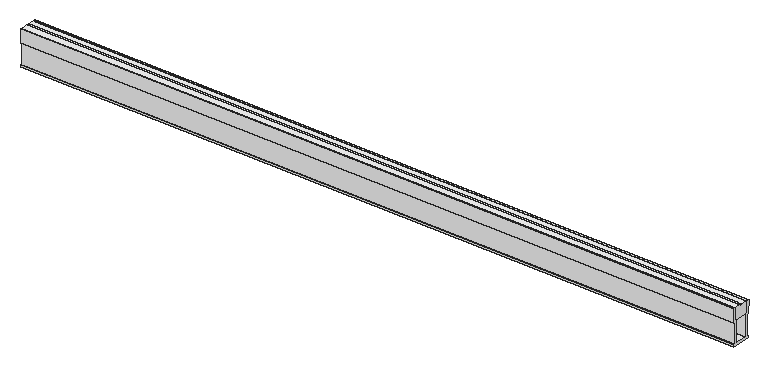
Revit family "4070764+4070745 Feilo Sylvania Lighting Fixture CURSUS 1161MM 731LM WIDE LED 3K with FRAMED ROUGH IN HOUSING", category Lighting Fixtures, host Face, Revit 2017
Family settings
  Host = Face
  Round Connector Dimension = Use Diameter
  Part Type = Normal
  OmniClass Number = 23.80.70.14
  OmniClass Title = Luminaries for External Lighting
  Cut with Voids When Loaded = Yes
  Light Source = Yes
  Shared = No
  Room Calculation Point = No
Parameters (values of type "4070764 CURSUS 1161MM 731LM WIDE LED 3K")
  Width = 30 mm
  Weight = "2.2 kg"
  Wattage Comments = "n/a"
  Wattage = 18 W
  WarrantyStartDate [instance] = "n/a"
  WarrantyGuarantorParts = "n/a"
  WarrantyDurationUnit = "n/a"
  WarrantyDurationParts = "n/a"
  WarrantyDescription = "n/a"
  built-in parameter 1150110 = 1 (stored number, unit not read)
  Voltage = 230 V
  URL = "http://www.sylvania-lighting.com"
  TypeName = "CURSUS 1161MM 731LM WIDE LED 3K"
  Type Image = <None>
  Type Comments = "n/a"
  built-in parameter 1114217 = 1 (stored number, unit not read)
  Tilt Angle = -90.00°
  built-in parameter 1150109 = 1 (stored number, unit not read)
  built-in parameter 1150134 = (empty or 0)
  built-in parameter 1150113 = 1 (stored number, unit not read)
  SerialNumber [instance] = "n/a"
  Material_3_FEILO = none
  PowerFactor = 0
  PowerConsumption = "18 W"
  Photometric Web File = "4070764.ies"
  NominalLength = 1161 mm
  NominalHeight = 50 mm
  NominalDepth = Width  # 30 mm
  Name = "CURSUS 1161MM 731LM WIDE LED 3K"
  ModelReference = Name  # "CURSUS 1161MM 731LM WIDE LED 3K"
  ModelNumber = "4070764"
  Model = Name  # "CURSUS 1161MM 731LM WIDE LED 3K"
  Material = "natural anodised extruded aluminium structure housing"
  ManufacturerName = "Feilo Sylvania"
  Manufacturer = "Feilo Sylvania"
  LuminousEfficacy = "40.61 lm/W"
  built-in parameter 1150105 = 403.47 (stored number, unit not read)
  Lumens = 731 lm
  LuminaireType = ""
  built-in parameter 1150115 = 1 (stored number, unit not read)
  LightOutputRatio = "100"
  built-in parameter 1150137 = (empty or 0)
  built-in parameter 1150139 = (empty or 0)
  LengthVoidExtrusionRight [instance] = if(EndCapRight, Length / 2, Length / 2 - 2.5 mm)  # 581 mm
  LengthVoidExtrusionLeft [instance] = if(EndCapLeft, Length / 2, Length / 2 - 2.5 mm)  # 581 mm
  Length = 1167 mm
  LampsType = Lamp  # "LED"
  LampNominalLuminous = "731 lm"
  LampMacAdamStep = "n/a"
  LampColourTemperature = "3000 K"
  LampColourRenderingIndex = "80"
  built-in parameter 1150112 = 1 (stored number, unit not read)
  built-in parameter 1150114 = 1 (stored number, unit not read)
  Lamp = "LED"
  Keynote = "16500"
  InstallationDate [instance] = "n/a"
  InputVoltage = "220-240V~"
  InputNominalFrequency = "n/a"
  built-in parameter 1150132 = (empty or 0)
  built-in parameter 1150102 = (empty or 0)
  built-in parameter 1150107 = 3000 (stored number, unit not read)
  built-in parameter 1150138 = (empty or 0)
  IngressProtection = "IP67"
  ImpactProtectionIndex = "IK07"
  built-in parameter 1150106 = 4.0347 (stored number, unit not read)
  IfcExportType = "IfcLightFixtureType"
  IfcExportAs = "IfcLightFixtureType"
  ExpectedLife = 50000
  EndCapRight [instance] = no
  EndCapLeft [instance] = no
  Emit from Rectangle Width = Width - 6 mm  # 24 mm
  Emit from Rectangle Length = Length - 6 mm  # 1161 mm
  Emit Shape Visible in Rendering = no
  ElectricShockClassification = "Class III"
  built-in parameter 1150104 = 3.7729 (stored number, unit not read)
  DurationUnit = "hours"
  DocumentationLiterature = "http://www.sylvania-lighting.com/product/en-int/products/4070764"
  DimmingControlOptions = "n/a"
  Dimming Lamp Color Temperature Shift = <None>
  Material_2_FEILO = Diffuser-Sylvania-Glow
  Description = "LED Exterior Lighting Recessed Surface Mounted Linear Fixture, Natural anodised extruded aluminium structure. Die-cast aluminium end caps. Installation kit with harmonic steel springs., 731 lm, 18W, 40lm/W, 3000K, CRI80+,non dimmable,IP67, IK07, (HxWxD) 1161x50x30mm, 3 step Mac Adam Ellipse, 2.2kg,, Classe III, 21-25V-DC, energy class : A++, A+, A"
  Default Elevation = 1219.2 mm
  CreatedOn = "1/8/2018"
  CreatedBy = ""
  Cost = 0
  Color Filter = 16777215
  built-in parameter 1114216 [instance] = (empty or 0)
  ClassificationValue = "EF_70_80"
  ClassificationName = "Uniclass2015"
  Material_1_FEILO = Body-Sylvania-Gray
  BarCode [instance] = "n/a"
  built-in parameter 1114218 = 1 (stored number, unit not read)
  built-in parameter 1150133 = 10 (stored number, unit not read)
  AssetType = "Fixed"
  AssetIdentifier [instance] = "n/a"
  Assembly Code = "D5020200"
  Apparent Load = 18 VA
  Material_4_FEILO = Diffuser-Sylvania-Glow
Reference planes
  plane 1 "Center (Front/Back)": y = 0
  plane 2: z = 0
  plane 3 "Center (Left/Right)": x = 0
  plane 4: y = 15
  plane 5: y = -15
  plane 6: x = 583.5
  plane 7: x = -583.5
  plane 8: x = -581
  plane 9: y = 12.5
  plane 10: y = -12.5
  plane 11: x = 581
  plane 12: z = -55
  plane 13: z = -52.5
  plane 14: z = -2
  plane 15: y = -10
  plane 16: z = -18
  plane 17: z = -20.5
  plane 18: y = 10
Forms (mm)
  Extrusion 1, solid, material "Body-Sylvania-Gray" <- "Material_1_FEILO"
    sketch origin (0, 0, -32.5) x (0, 1, 0) y (0, 0, 1)
      loop
        line (15, -22.5) -> (15, -20) -> (12.5, -20) -> (12.5, 12) -> (15, 12) -> (15, 32.5) -> (12.5, 32.5) -> (12.5, 14.5) -> (10, 14.5) -> (10, -20) -> (-10, -20) -> (-10, 14.5) -> (-12.5, 14.5) -> (-12.5, 32.5) -> (-15, 32.5) -> (-15, 12) -> (-12.5, 12) -> (-12.5, -20) -> (-15, -20) -> (-15, -22.5) -> (15, -22.5)
    from -581 to 581
  Extrusion 2, solid, material "Body-Sylvania-Gray" <- "Material_1_FEILO", visible <- "EndCapRight"
    sketch origin (583.5, 1524, 1219.2) x (0, 1, 0) y (0, 0, 1)
      loop
        line (-1539, -1274.2) -> (-1509, -1274.2) -> (-1509, -1219.2) -> (-1539, -1219.2) -> (-1539, -1274.2)
    from 0 to -2.5
  Extrusion 3, solid, material "Body-Sylvania-Gray" <- "Material_1_FEILO", visible <- "EndCapLeft"
    sketch origin (-583.5, 1524, 1219.2) x (0, 1, 0) y (0, 0, 1)
      loop
        line (-1539, -1274.2) -> (-1509, -1274.2) -> (-1509, -1219.2) -> (-1539, -1219.2) -> (-1539, -1274.2)
    from 0 to 2.5
  Extrusion 4, solid, material "Diffuser-Sylvania-Glow" <- "Material_2_FEILO"
    sketch origin (0, 0, 0) x (0, 1, 0) y (0, 0, 1)
      loop
        line (-12.5, 0) -> (-12.5, -18) -> (12.5, -18) -> (12.5, 0) -> (2, 0) -> (0, -2) -> (-2, 0) -> (-12.5, 0)
    from -581 to 581
  Extrusion 5, void
    sketch origin (0, 0, 0) x (1, 0, 0) y (0, 1, 0)
      loop
        line (-581, 15) -> (-581, -15) -> (581, -15) -> (581, 15) -> (-581, 15)
    from 0 to -55
Dimensions and locks
  equal spacing: plane 5, plane 1 "Center (Front/Back)", plane 4
  equal spacing: plane 7, plane 3 "Center (Left/Right)", plane 6
  "Length": plane 7 to plane 6
  equal spacing: plane 8, plane 3 "Center (Left/Right)", plane 11
  equal spacing: plane 10, plane 1 "Center (Front/Back)", plane 9
  locked: plane 5 to plane 10 at 2.5
  "Width": plane 5 to plane 4
  locked: plane 2 to plane 12 at 55
  locked: plane 12 to plane 13 at 2.5
  "LengthVoidExtrusionLeft": Extrusion 5 sketch curve to plane 3 "Center (Left/Right)"
  "LengthVoidExtrusionRight": plane 3 "Center (Left/Right)" to Extrusion 5 sketch curve
  plane 2 to plane 14 = 2 mm
  locked: plane 7 to plane 8 at 2.5
  locked: plane 2 to plane 16 at 18
  locked: plane 17 to plane 16 at 2.5
  equal spacing: plane 15, plane 1 "Center (Front/Back)", plane 18
  locked: plane 10 to plane 15 at 2.5
  locked: plane 14 to Extrusion 4 sketch curve (angle 45.00°)
  locked: Extrusion 4 sketch curve to plane 14 (angle 45.00°)
  aligned and locked: plane 2 to host face
  aligned and locked: level to host face
  aligned and locked: plane 4 to Extrusion 1 sketch curve
  aligned and locked: Extrusion 1 sketch curve to plane 5
  aligned and locked: plane 10 to Extrusion 1 sketch curve  (x2)
  aligned and locked: Extrusion 1 sketch curve to plane 9  (x2)
  aligned and locked: plane 8 to Extrusion 3
  aligned and locked: Extrusion 3 to plane 7
  aligned and locked: Extrusion 4 to plane 8
  aligned and locked: plane 11 to Extrusion 4
  aligned and locked: imposter light to plane 1 "Center (Front/Back)"
  aligned and locked: plane 3 "Center (Left/Right)" to imposter light
  aligned and locked: plane 12 to Extrusion 1
  aligned and locked: Extrusion 1 to plane 13
  aligned and locked: level to Extrusion 1  (x2)
  aligned and locked: plane 2 to imposter light
  aligned and locked: plane 11 to Extrusion 1
  aligned and locked: Extrusion 1 to plane 8
  aligned and locked: plane 12 to Extrusion 3 sketch curve
  aligned and locked: plane 5 to Extrusion 3 sketch curve
  aligned and locked: Extrusion 3 sketch curve to plane 4
  aligned and locked: Extrusion 2 sketch curve to plane 4
  aligned and locked: plane 5 to Extrusion 2 sketch curve
  aligned and locked: plane 12 to Extrusion 2 sketch curve
  aligned and locked: plane 9 to Extrusion 4 sketch curve
  aligned and locked: Extrusion 4 sketch curve to plane 10
  aligned and locked: Extrusion 5 sketch curve to plane 4
  aligned and locked: plane 5 to Extrusion 5 sketch curve
  aligned and locked: Extrusion 5 to Extrusion 1
  aligned and locked: level to Extrusion 5
  aligned and locked: plane 14 to Extrusion 4 sketch curve
  aligned and locked: Extrusion 4 sketch curve to plane 16
  aligned and locked: Extrusion 1 sketch curve to Extrusion 1 sketch curve  (x3)
  aligned and locked: Extrusion 1 sketch curve to Extrusion 4
  aligned and locked: plane 15 to Extrusion 1 sketch curve
  aligned and locked: plane 17 to Extrusion 1 sketch curve
  aligned and locked: plane 5 to Extrusion 1 sketch curve
  aligned and locked: Extrusion 1 sketch curve to plane 16
  aligned and locked: plane 18 to Extrusion 1 sketch curve
  aligned and locked: Extrusion 1 sketch curve to plane 17
  aligned and locked: Extrusion 1 sketch curve to Extrusion 2
Automatic sketch dimensions
  host sketch curve to host sketch curve = 2438.4 mm  (x2)
  Extrusion 3 sketch curve to level = 0 mm
  Extrusion 2 sketch curve to level = 0 mm
  Extrusion 4 sketch curve to level = 0 mm  (x2)
  Extrusion 4 sketch curve to plane 1 "Center (Front/Back)" = 0 mm
  plane 12 to Extrusion 1 sketch curve = 0 mm
  plane 13 to Extrusion 1 sketch curve = 0 mm
  Extrusion 1 sketch curve to level = 0 mm  (x2)
Connectors
  electrical at (0, 0, 0), driven by "Apparent Load", driven by "PowerFactor", driven by "Voltage"
    settings: index 1, voltage 230 V, apparent load 18 VA, apparent load phase1 0 VA, apparent load phase2 0 VA, apparent load phase3 0 VA, power factor 0, load classification "Lighting", number of poles 1, system type 30, power factor state 1, is connector primary yes, connector utility no, sub classification motor no, connector description ""
